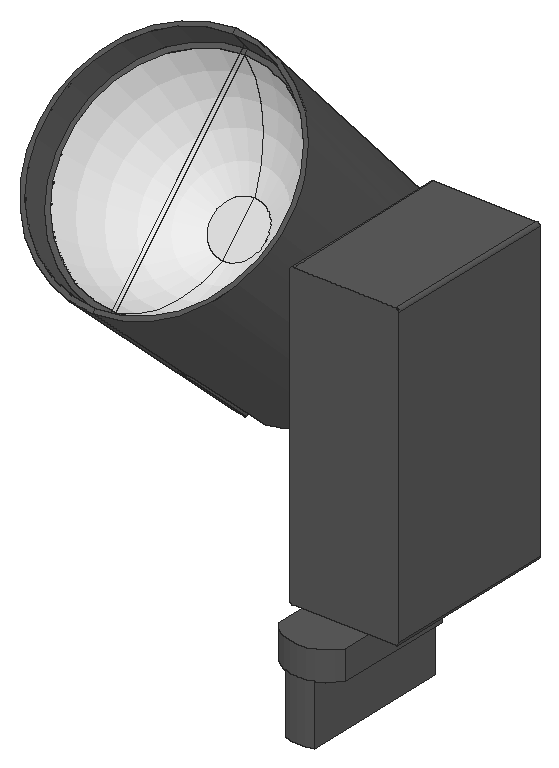
Revit family "0004945 Feilo Sylvania Lighting Fixture START TRACK SPOT L DALI 4448LM 930 MB BLK", category Lighting Fixtures, host Face, Revit 2017
Family settings
  Host = Face
  Round Connector Dimension = Use Diameter
  Part Type = Normal
  OmniClass Number = 23.80.70.00
  OmniClass Title = Lighting
  Cut with Voids When Loaded = No
  Light Source = No
  Shared = No
  Room Calculation Point = No
Parameters (values of type "0004945 START TRACK SPOT L DALI 4448LM 930 MB BLK")
  Weight = "1.398 kg"
  Wattage Comments = ""
  WarrantyStartDate [instance] = "n/a"
  WarrantyGuarantorParts = "n/a"
  WarrantyDurationUnit = "n/a"
  WarrantyDurationParts = "n/a"
  WarrantyDescription = "n/a"
  Voltage = 230 V
  URL = "http://www.sylvania-lighting.com/"
  TypeName = "START TRACK SPOT L DALI 4448LM 930 MB BLK"
  TypeHead_FEILO = Start Track Spot Head : 0004893 START TRACK SPOT L 55W 3K RA90 MB BLACK
  TypeBox_FEILO = Start Track Spot Box : Type Large Black
  Type Image = <None>
  Type Comments = "n/a"
  VerticalRotation_FEILO [instance] = 0.00°
  SlideEndAngle_FEILO [instance] = VerticalRotation_FEILO + 180.00°  # 180.00°
  SerialNumber [instance] = "n/a"
  Material_3_FEILO = none
  PowerFactor = 0.96
  PowerConsumption = "55 W"
  NominalLength = 0 mm
  NominalHeight = 240 mm
  NominalDepth = 164 mm
  Name = "START TRACK SPOT L DALI 4448LM 930 MB BLK"
  ModelReference = Name  # "START TRACK SPOT L DALI 4448LM 930 MB BLK"
  ModelNumber = "0004945"
  Model = Name  # "START TRACK SPOT L DALI 4448LM 930 MB BLK"
  Material = "adc12 aluminium housing, polycarbonate diffuser"
  ManufacturerName = "Feilo Sylvania"
  Manufacturer = "Feilo Sylvania"
  LuminousEfficacy = "81 lm/W"
  LuminaireType = ""
  LightOutputRatio = "100"
  LampsType = Lamp  # "LED"
  LampNominalLuminous = "4448 lm"
  LampMacAdamStep = "3"
  LampColourTemperature = "3000 K"
  LampColourRenderingIndex = "90"
  Lamp = "LED"
  Keynote = "16500"
  InstallationDate [instance] = "n/a"
  InputVoltage = "230-240V~"
  InputNominalFrequency = "50/60 Hz"
  IngressProtection = "IP20"
  ImpactProtectionIndex = "IK02"
  IfcExportType = "IfcLightFixtureType"
  IfcExportAs = "IfcLightFixtureType"
  HorizontalRotation_FEILO [instance] = 45.00°
  ExpectedLife = 50000
  ElectricShockClassification = "Class II"
  DurationUnit = "hours"
  DocumentationLiterature = "http://www.sylvania-lighting.com/product/en-int/products/0004893"
  DimmingControlOptions = "Dimmable"
  Material_2_FEILO = none
  Description = "Integrated LED spotlight, Textured Black - RAL9005, compact and minimalist design, ideal for retail applications, die-cast aluminium body, passive cooling heatsink. Beam angle: 38°, color temperature: 3000K , total system power: 55W, total fixture output: 4448 lm, LOR: 100%, colour rendering: Ra: 90 typical, LED Chromaticity: 3 step MacAdam ellipse, lifetime: >50000 hours at L70B50, energy class: A++, A+, A, IR/UV free light source without heat radiation, operating voltage: 220-240V / 50-60Hz, drive current: 1400mA, electronic driver, non-dimmable, power factor: 0.96, electrical protection: Class II, Global Track 3 Phase adapter suitable for Global trac 3-circuit tracks, ingress protection rating: IP20, suitable for internal environment only, horizontal rotation: 355°, vertical tilt: 90°, dimensions: Ø113x164x240, weight: 1.398kg."
  Default Elevation = 1219.2 mm
  CreatedOn = "04/26/2018"
  CreatedBy = ""
  Cost = 0
  built-in parameter 1114216 [instance] = (empty or 0)
  ClassificationValue = "EF_70_80"
  ClassificationName = "Uniclass2015"
  Material_1_FEILO = Body-Sylvania-StartTrackSpot-Black
  BarCode [instance] = "n/a"
  AssetType = "Fixed"
  AssetIdentifier [instance] = "n/a"
  Assembly Code = "D5020200"
  Apparent Load = 55 VA
  Material_4_FEILO = none
Reference planes
  plane 1 "Center (Front/Back)": y = 0
  plane 2: z = 0
  plane 3 "Center (Left/Right)": x = 0
  plane 4: x = 15
  plane 5: x = -15
  plane 6: y = 35
  plane 7: y = -35
  plane 8: z = 13
  plane 9: z = -27
  plane 10: x = 6.5
  plane 11: x = -6.5
  plane 12: y = 27
  plane 13: y = -27
  plane 14: y = 20
Forms (mm)
  Extrusion 1, solid, material "Body-Sylvania-StartTrackSpot-Black" <- "Material_1_FEILO"
    sketch origin (0, 0, 0) x (1, 0, 0) y (0, 1, 0)
      loop
        line (-15, 27) -> (-15, -27)
        arc (-15, -27) -> (0, -35) -> (15, -27) r 18.062
        line (15, -27) -> (15, 27)
        arc (15, 27) -> (0, 35) -> (-15, 27) r 18.062
    from 0 to 13
  Extrusion 2, solid, material "Body-Sylvania-StartTrackSpot-Black" <- "Material_1_FEILO"
    sketch origin (0, 0, 0) x (1, 0, 0) y (0, 1, 0)
      loop
        arc (6.5, 33.79) -> (0, 35) -> (-6.5, 33.79) r 18.062
        line (-6.5, 33.79) -> (-6.5, -33.79)
        arc (-6.5, -33.79) -> (0, -35) -> (6.5, -33.79) r 18.062
        line (6.5, -33.79) -> (6.5, 33.79)
    from 0 to -27
  Revolve 3, solid, not visible
    sketch origin (1524, 20, 1219.2) x (1, 0, 0) y (0, 0, 1)
      loop
        line (-1524, -1206.2) -> (-1524, -1191.285) -> (-1530.5, -1191.285) -> (-1530.5, -1206.2) -> (-1524, -1206.2)
      axis (-1524, -1191.285) -> (-1524, -1206.2)
    angle from 0 <- "VerticalRotation_FEILO" to 180 <- "SlideEndAngle_FEILO"
Cuts and joins
  joined: Extrusion 1, Extrusion 2
Dimensions and locks
  equal spacing: plane 10, plane 3 "Center (Left/Right)", plane 11
  equal spacing: plane 4, plane 3 "Center (Left/Right)", plane 5
  locked: plane 8 to plane 2 at 13
  locked: plane 8 to plane 9 at 40
  equal spacing: plane 13, plane 1 "Center (Front/Back)", plane 12
  locked: plane 12 to plane 6 at 8
  locked: plane 14 to plane 6 at 15
  locked: Revolve 3 sketch curve to plane 8 at 14.915
  aligned and locked: plane 2 to host face
  aligned and locked: level to host face
  aligned and locked: plane 5 to Extrusion 1 sketch curve  (x2)
  aligned and locked: plane 12 to Extrusion 1 sketch curve
  aligned and locked: plane 13 to Extrusion 1 sketch curve
  aligned and locked: plane 4 to Extrusion 1 sketch curve
  aligned and locked: Extrusion 1 to plane 8
  aligned and locked: Extrusion 1 to level
  aligned and locked: Extrusion 2 sketch curve to Extrusion 1  (x2)
  aligned and locked: Extrusion 2 sketch curve to plane 11
  aligned and locked: plane 10 to Extrusion 2 sketch curve
  aligned and locked: plane 9 to Extrusion 2
  aligned and locked: level to Extrusion 2
  aligned and locked: Revolve 3 sketch curve to plane 3 "Center (Left/Right)"  (x2)
  aligned and locked: plane 11 to Revolve 3 sketch curve
  aligned and locked: Revolve 3 sketch curve to plane 8
Automatic sketch dimensions
  host sketch curve to host sketch curve = 2438.4 mm  (x2)
  Extrusion 1 sketch curve to plane 3 "Center (Left/Right)" = 0 mm  (x2)
  Extrusion 1 sketch curve to plane 13 = 10.062 mm
  plane 12 to Extrusion 1 sketch curve = 10.062 mm
  Revolve 3 sketch curve to plane 3 "Center (Left/Right)" = 0 mm
  plane 9 to Revolve 3 sketch curve = 582.6 mm
  Revolve 3 sketch curve to Revolve 3 sketch curve = 2581.144 mm
Nested families
  nested 1: "Start Track Spot Head" at (-75.5, 20, 133) x (0, 0.7071, 0.7071) z (0, 0.7071, -0.7071), type <- "TypeHead_FEILO", type "0004893 START TRACK SPOT L 55W 3K RA90 MB BLACK"
    with built-in parameter 1114216 (empty or 0)
  nested 2: "Start Track Spot Box" at (8.5, 20, 85) x (-1, 0, 0) z (0, -1, 0), BoxStartAngle_FEILO <- "HorizontalRotation_FEILO", type <- "TypeBox_FEILO", type "Type Large Black"
    with BoxStartAngle_FEILO 45.00°, BoxEndAngle_FEILO -135.00°
Connectors
  electrical at (0, 0, 0), driven by "Apparent Load", driven by "PowerFactor", driven by "Voltage"
    settings: index 1, voltage 230 V, apparent load 55 VA, apparent load phase1 0 VA, apparent load phase2 0 VA, apparent load phase3 0 VA, power factor 0.96, load classification "Lighting", number of poles 1, system type 30, power factor state 1, is connector primary yes, connector utility no, sub classification motor no, connector description ""
Definition of nested family "Start Track Spot Head"
  Parameters (values of type "0004811 START TRACK SPOT S 14W 3K RA80 NB WHITE")
    Wattage Comments = "n/a"
    Wattage = 14 W
    built-in parameter 1150110 = 1 (stored number, unit not read)
    URL = "http://www.feilosylvania.com"
    Type Image = (empty or 0)
    Type Comments = "n/a"
    built-in parameter 1114217 = 1 (stored number, unit not read)
    Tilt Angle = -90.00°
    built-in parameter 1150109 = 1 (stored number, unit not read)
    built-in parameter 1150134 = (empty or 0)
    built-in parameter 1150113 = 1 (stored number, unit not read)
    Photometric Web File = "0004811.ies"
    Material_3_FEILO = none
    Model = "START TRACK SPOT S 14W 3K RA80 NB WHITE"
    Manufacturer = "Feilo Sylvania"
    built-in parameter 1150105 = 123.66 (stored number, unit not read)
    Lumens = 1554 lm
    built-in parameter 1150115 = 1 (stored number, unit not read)
    built-in parameter 1150137 = (empty or 0)
    built-in parameter 1150139 = (empty or 0)
    built-in parameter 1150112 = 1 (stored number, unit not read)
    built-in parameter 1150114 = 1 (stored number, unit not read)
    Lamp = "LED"
    Keynote = "16500"
    Material_2_FEILO = none
    built-in parameter 1150132 = (empty or 0)
    built-in parameter 1150102 = (empty or 0)
    built-in parameter 1150107 = 3000 (stored number, unit not read)
    built-in parameter 1150138 = (empty or 0)
    built-in parameter 1150106 = 1.2366 (stored number, unit not read)
    HeadThickness_FEILO = if(HeadDiaOut_FEILO > 112 mm, 2 mm, 1.5 mm)  # 1.5 mm
    HeadRibOffset_FEILO = HeadHeight_FEILO / 28  # 4.179 mm
    HeadRibDepth_FEILO = HeadHeight_FEILO / 2.1  # 55.714 mm
    HeadRibCutWidth_FEILO = HeadDiaOut_FEILO / 12  # 7.167 mm
    HeadRibCutOffset_FEILO = HeadHeight_FEILO / 2.3  # 50.87 mm
    HeadReflectorRadius_FEILO = HeadDiaOut_FEILO / 1.7  # 50.588 mm
    HeadReflectorOffset_FEILO = HeadHeight_FEILO / 2.1  # 55.714 mm
    HeadLEDRadius_FEILO = HeadDiaOut_FEILO / 9  # 9.556 mm
    HeadHeight_FEILO = 117 mm
    HeadDraft_FEILO = 1 mm
    HeadDiffusorThickness_FEILO = 3 mm
    HeadDiffusorOffset_FEILO = HeadHeight_FEILO / 12.4  # 9.435 mm
    HeadDiaOut_FEILO = 86 mm
    HeadDiaIn_FEILO = HeadDiaOut_FEILO / 1.11  # 77.477 mm
    HeadAxisFromTop_FEILO = HeadHeight_FEILO / 1.687  # 69.354 mm
    Emit from Circle Diameter = HeadDiaIn_FEILO  # 77.477 mm
    Emit Shape Visible in Rendering = no
    built-in parameter 1150104 = 10.312 (stored number, unit not read)
    Dimming Lamp Color Temperature Shift = (empty or 0)
    Description = "Integrated LED spotlight, Textured White - RAL9016, compact and minimalist design, ideal for retail applications, die-cast aluminium body, passive cooling heatsink. Beam angle: 12°, color temperature: 3000K , total system power: 14W, total fixture output: 1551 lm, LOR: 100%, colour rendering: Ra: 80 typical, LED Chromaticity: 3 step MacAdam ellipse, lifetime: >50000 hours at L70B50, energy class: A++, A+, A, IR/UV free light source without heat radiation, operating voltage: 220-240V / 50-60Hz, drive current: 350mA, electronic driver, non-dimmable, power factor: 0.92, electrical protection: Class II, Global Track 3 Phase adapter suitable for Global trac 3-circuit tracks, ingress protection rating: IP20, suitable for internal environment only, horizontal rotation: 355°, vertical tilt: 90°, dimensions: Ø86x140x200, weight: 0.940kg."
    Default Elevation = 1219.2 mm
    Cost = 0
    Color Filter = 16777215
    built-in parameter 1114216 [instance] = (empty or 0)
    Material_1_FEILO = none
    built-in parameter 1114218 = 1 (stored number, unit not read)
    built-in parameter 1150133 = 10 (stored number, unit not read)
    Assembly Code = "D5020200"
    Apparent Load = 14 VA
    Material_4_FEILO = none
  Types (96, lengths in mm): name | Wattage | built-in parameter 1150134 | Photometric Web File | Model | built-in parameter 1150105 | Lumens | built-in parameter 1150107 | built-in parameter 1150106 | HeadThickness_FEILO | HeadRibOffset_FEILO | HeadRibDepth_FEILO | HeadRibCutWidth_FEILO | HeadRibCutOffset_FEILO | HeadReflectorRadius_FEILO | HeadReflectorOffset_FEILO | HeadLEDRadius_FEILO | HeadHeight_FEILO | HeadDiffusorOffset_FEILO | HeadDiaOut_FEILO | HeadDiaIn_FEILO | HeadAxisFromTop_FEILO | Emit from Circle Diameter | built-in parameter 1150104 | Description | Apparent Load
    0004906 START TRACK SPOT L 55W 4K RA90 WB BLACK | 55 W | 12 | "0004906.ies" | "START TRACK SPOT L 55W 4K RA90 WB BLACK" | 385.15 (stored number, unit not read) | 4840 lm | 4000 (stored number, unit not read) | 3.8515 (stored number, unit not read) | 2 | 4.429 | 59.048 | 9.417 | 53.913 | 66.471 | 59.048 | 12.556 | 124 | 10 | 113 | 101.802 | 73.503 | 101.802 | 8.1755 (stored number, unit not read) | "Integrated LED spotlight, Textured Black - RAL9005, compact and minimalist design, ideal for retail applications, die-cast aluminium body, passive cooling heatsink. Beam angle: 52°, color temperature: 4000K , total system power: 55W, total fixture output: 4824 lm, LOR: 100%, colour rendering: Ra: 90 typical, LED Chromaticity: 3 step MacAdam ellipse, lifetime: >50000 hours at L70B50, energy class: A++, A+, A, IR/UV free light source without heat radiation, operating voltage: 220-240V / 50-60Hz, drive current: 1400mA, electronic driver, non-dimmable, power factor: 0.96, electrical protection: Class II, Global Track 3 Phase adapter suitable for Global trac 3-circuit tracks, ingress protection rating: IP20, suitable for internal environment only, horizontal rotation: 355°, vertical tilt: 90°, dimensions: Ø113x164x240, weight: 1.398kg." | 55 VA
    0004905 START TRACK SPOT L 55W 4K RA90 MB BLACK | 55 W | 12 | "0004905.ies" | "START TRACK SPOT L 55W 4K RA90 MB BLACK" | 389.53 (stored number, unit not read) | 4895 lm | 4000 (stored number, unit not read) | 3.8953 (stored number, unit not read) | 2 | 4.429 | 59.048 | 9.417 | 53.913 | 66.471 | 59.048 | 12.556 | 124 | 10 | 113 | 101.802 | 73.503 | 101.802 | 8.2684 (stored number, unit not read) | "Integrated LED spotlight, Textured Black - RAL9005, compact and minimalist design, ideal for retail applications, die-cast aluminium body, passive cooling heatsink. Beam angle: 38°, color temperature: 4000K , total system power: 55W, total fixture output: 4897 lm, LOR: 100%, colour rendering: Ra: 90 typical, LED Chromaticity: 3 step MacAdam ellipse, lifetime: >50000 hours at L70B50, energy class: A++, A+, A, IR/UV free light source without heat radiation, operating voltage: 220-240V / 50-60Hz, drive current: 1400mA, electronic driver, non-dimmable, power factor: 0.96, electrical protection: Class II, Global Track 3 Phase adapter suitable for Global trac 3-circuit tracks, ingress protection rating: IP20, suitable for internal environment only, horizontal rotation: 355°, vertical tilt: 90°, dimensions: Ø113x164x240, weight: 1.398kg." | 55 VA
    0004904 START TRACK SPOT L 55W 4K RA90 NB BLACK | 55 W | 12 | "0004904.ies" | "START TRACK SPOT L 55W 4K RA90 NB BLACK" | 393.91 (stored number, unit not read) | 4950 lm | 4000 (stored number, unit not read) | 3.9391 (stored number, unit not read) | 2 | 4.429 | 59.048 | 9.417 | 53.913 | 66.471 | 59.048 | 12.556 | 124 | 10 | 113 | 101.802 | 73.503 | 101.802 | 8.3613 (stored number, unit not read) | "Integrated LED spotlight, Textured Black - RAL9005, compact and minimalist design, ideal for retail applications, die-cast aluminium body, passive cooling heatsink. Beam angle: 15°, color temperature: 4000K , total system power: 55W, total fixture output: 4965 lm, LOR: 100%, colour rendering: Ra: 90 typical, LED Chromaticity: 3 step MacAdam ellipse, lifetime: >50000 hours at L70B50, energy class: A++, A+, A, IR/UV free light source without heat radiation, operating voltage: 220-240V / 50-60Hz, drive current: 1400mA, electronic driver, non-dimmable, power factor: 0.96, electrical protection: Class II, Global Track 3 Phase adapter suitable for Global trac 3-circuit tracks, ingress protection rating: IP20, suitable for internal environment only, horizontal rotation: 355°, vertical tilt: 90°, dimensions: Ø113x164x240, weight: 1.398kg." | 55 VA
    0004903 START TRACK SPOT L 35W 4K RA90 WB BLACK | 35 W | 12 | "0004903.ies" | "START TRACK SPOT L 35W 4K RA90 WB BLACK" | 284.09 (stored number, unit not read) | 3570 lm | 4000 (stored number, unit not read) | 2.8409 (stored number, unit not read) | 2 | 4.429 | 59.048 | 9.417 | 53.913 | 66.471 | 59.048 | 12.556 | 124 | 10 | 113 | 101.802 | 73.503 | 101.802 | 9.4761 (stored number, unit not read) | "Integrated LED spotlight, Textured Black - RAL9005, compact and minimalist design, ideal for retail applications, die-cast aluminium body, passive cooling heatsink. Beam angle: 52°, color temperature: 4000K , total system power: 35W, total fixture output: 3562 lm, LOR: 100%, colour rendering: Ra: 90 typical, LED Chromaticity: 3 step MacAdam ellipse, lifetime: >50000 hours at L70B50, energy class: A++, A+, A, IR/UV free light source without heat radiation, operating voltage: 220-240V / 50-60Hz, drive current: 900mA, electronic driver, non-dimmable, power factor: 0.93, electrical protection: Class II, Global Track 3 Phase adapter suitable for Global trac 3-circuit tracks, ingress protection rating: IP20, suitable for internal environment only, horizontal rotation: 355°, vertical tilt: 90°, dimensions: Ø113x164x240, weight: 1.368kg." | 35 VA
    0004902 START TRACK SPOT L 35W 4K RA90 MB BLACK | 35 W | 12 | "0004902.ies" | "START TRACK SPOT L 35W 4K RA90 MB BLACK" | 286.88 (stored number, unit not read) | 3605 lm | 4000 (stored number, unit not read) | 2.8688 (stored number, unit not read) | 2 | 4.429 | 59.048 | 9.417 | 53.913 | 66.471 | 59.048 | 12.556 | 124 | 10 | 113 | 101.802 | 73.503 | 101.802 | 9.569 (stored number, unit not read) | "Integrated LED spotlight, Textured Black - RAL9005, compact and minimalist design, ideal for retail applications, die-cast aluminium body, passive cooling heatsink. Beam angle: 38°, color temperature: 4000K , total system power: 35W, total fixture output: 3616 lm, LOR: 100%, colour rendering: Ra: 90 typical, LED Chromaticity: 3 step MacAdam ellipse, lifetime: >50000 hours at L70B50, energy class: A++, A+, A, IR/UV free light source without heat radiation, operating voltage: 220-240V / 50-60Hz, drive current: 900mA, electronic driver, non-dimmable, power factor: 0.93, electrical protection: Class II, Global Track 3 Phase adapter suitable for Global trac 3-circuit tracks, ingress protection rating: IP20, suitable for internal environment only, horizontal rotation: 355°, vertical tilt: 90°, dimensions: Ø113x164x240, weight: 1.368kg." | 35 VA
    0004901 START TRACK SPOT L 35W 4K RA90 NB BLACK | 35 W | 12 | "0004901.ies" | "START TRACK SPOT L 35W 4K RA90 NB BLACK" | 286.88 (stored number, unit not read) | 3605 lm | 4000 (stored number, unit not read) | 2.8688 (stored number, unit not read) | 2 | 4.429 | 59.048 | 9.417 | 53.913 | 66.471 | 59.048 | 12.556 | 124 | 10 | 113 | 101.802 | 73.503 | 101.802 | 9.569 (stored number, unit not read) | "Integrated LED spotlight, Textured Black - RAL9005, compact and minimalist design, ideal for retail applications, die-cast aluminium body, passive cooling heatsink. Beam angle: 15°, color temperature: 4000K , total system power: 35W, total fixture output: 3593 lm, LOR: 100%, colour rendering: Ra: 90 typical, LED Chromaticity: 3 step MacAdam ellipse, lifetime: >50000 hours at L70B50, energy class: A++, A+, A, IR/UV free light source without heat radiation, operating voltage: 220-240V / 50-60Hz, drive current: 900mA, electronic driver, non-dimmable, power factor: 0.93, electrical protection: Class II, Global Track 3 Phase adapter suitable for Global trac 3-circuit tracks, ingress protection rating: IP20, suitable for internal environment only, horizontal rotation: 355°, vertical tilt: 90°, dimensions: Ø113x164x240, weight: 1.368kg." | 35 VA
    0004900 START TRACK SPOT S 24W 4K RA90 WB BLACK | 24 W | 12 | "0004900.ies" | "START TRACK SPOT S 24W 4K RA90 WB BLACK" | 166.16 (stored number, unit not read) | 2088 lm | 4000 (stored number, unit not read) | 1.6616 (stored number, unit not read) | 1.5 | 4.179 | 55.714 | 7.167 | 50.87 | 50.588 | 55.714 | 9.556 | 117 | 9.435 | 86 | 77.477 | 69.354 | 77.477 | 8.0826 (stored number, unit not read) | "Integrated LED spotlight, Textured Black - RAL9005, compact and minimalist design, ideal for retail applications, die-cast aluminium body, passive cooling heatsink. Beam angle: 64°, color temperature: 4000K , total system power: 24W, total fixture output: 2087 lm, LOR: 100%, colour rendering: Ra: 90 typical, LED Chromaticity: 3 step MacAdam ellipse, lifetime: >50000 hours at L70B50, energy class: A++, A+, A, IR/UV free light source without heat radiation, operating voltage: 220-240V / 50-60Hz, drive current: 600mA, electronic driver, non-dimmable, power factor: 0.95, electrical protection: Class II, Global Track 3 Phase adapter suitable for Global trac 3-circuit tracks, ingress protection rating: IP20, suitable for internal environment only, horizontal rotation: 355°, vertical tilt: 90°, dimensions: Ø86x140x200, weight: 0.966kg." | 24 VA
    0004899 START TRACK SPOT S 24W 4K RA90 MB BLACK | 24 W | 12 | "0004899.ies" | "START TRACK SPOT S 24W 4K RA90 MB BLACK" | 169.98 (stored number, unit not read) | 2136 lm | 4000 (stored number, unit not read) | 1.6998 (stored number, unit not read) | 1.5 | 4.179 | 55.714 | 7.167 | 50.87 | 50.588 | 55.714 | 9.556 | 117 | 9.435 | 86 | 77.477 | 69.354 | 77.477 | 8.2684 (stored number, unit not read) | "Integrated LED spotlight, Textured Black - RAL9005, compact and minimalist design, ideal for retail applications, die-cast aluminium body, passive cooling heatsink. Beam angle: 36°, color temperature: 4000K , total system power: 24W, total fixture output: 2141 lm, LOR: 100%, colour rendering: Ra: 90 typical, LED Chromaticity: 3 step MacAdam ellipse, lifetime: >50000 hours at L70B50, energy class: A++, A+, A, IR/UV free light source without heat radiation, operating voltage: 220-240V / 50-60Hz, drive current: 600mA, electronic driver, non-dimmable, power factor: 0.95, electrical protection: Class II, Global Track 3 Phase adapter suitable for Global trac 3-circuit tracks, ingress protection rating: IP20, suitable for internal environment only, horizontal rotation: 355°, vertical tilt: 90°, dimensions: Ø86x140x200, weight: 0.966kg." | 24 VA
    0004898 START TRACK SPOT S 24W 4K RA90 NB BLACK | 24 W | 12 | "0004898.ies" | "START TRACK SPOT S 24W 4K RA90 NB BLACK" | 171.89 (stored number, unit not read) | 2160 lm | 4000 (stored number, unit not read) | 1.7189 (stored number, unit not read) | 1.5 | 4.179 | 55.714 | 7.167 | 50.87 | 50.588 | 55.714 | 9.556 | 117 | 9.435 | 86 | 77.477 | 69.354 | 77.477 | 8.3613 (stored number, unit not read) | "Integrated LED spotlight, Textured Black - RAL9005, compact and minimalist design, ideal for retail applications, die-cast aluminium body, passive cooling heatsink. Beam angle: 12°, color temperature: 4000K , total system power: 24W, total fixture output: 2155 lm, LOR: 100%, colour rendering: Ra: 90 typical, LED Chromaticity: 3 step MacAdam ellipse, lifetime: >50000 hours at L70B50, energy class: A++, A+, A, IR/UV free light source without heat radiation, operating voltage: 220-240V / 50-60Hz, drive current: 600mA, electronic driver, non-dimmable, power factor: 0.95, electrical protection: Class II, Global Track 3 Phase adapter suitable for Global trac 3-circuit tracks, ingress protection rating: IP20, suitable for internal environment only, horizontal rotation: 355°, vertical tilt: 90°, dimensions: Ø86x140x200, weight: 0.966kg." | 24 VA
    0004897 START TRACK SPOT S 14W 4K RA90 WB BLACK | 14 W | 12 | "0004897.ies" | "START TRACK SPOT S 14W 4K RA90 WB BLACK" | 108.07 (stored number, unit not read) | 1358 lm | 4000 (stored number, unit not read) | 1.0807 (stored number, unit not read) | 1.5 | 4.179 | 55.714 | 7.167 | 50.87 | 50.588 | 55.714 | 9.556 | 117 | 9.435 | 86 | 77.477 | 69.354 | 77.477 | 9.0116 (stored number, unit not read) | "Integrated LED spotlight, Textured Black - RAL9005, compact and minimalist design, ideal for retail applications, die-cast aluminium body, passive cooling heatsink. Beam angle: 64°, color temperature: 4000K , total system power: 14W, total fixture output: 1352 lm, LOR: 100%, colour rendering: Ra: 90 typical, LED Chromaticity: 3 step MacAdam ellipse, lifetime: >50000 hours at L70B50, energy class: A++, A+, A, IR/UV free light source without heat radiation, operating voltage: 220-240V / 50-60Hz, drive current: 350mA, electronic driver, non-dimmable, power factor: 0.92, electrical protection: Class II, Global Track 3 Phase adapter suitable for Global trac 3-circuit tracks, ingress protection rating: IP20, suitable for internal environment only, horizontal rotation: 355°, vertical tilt: 90°, dimensions: Ø86x140x200, weight: 0.940kg." | 14 VA
    0004896 START TRACK SPOT S 14W 4K RA90 MB BLACK | 14 W | 12 | "0004896.ies" | "START TRACK SPOT S 14W 4K RA90 MB BLACK" | 108.07 (stored number, unit not read) | 1358 lm | 4000 (stored number, unit not read) | 1.0807 (stored number, unit not read) | 1.5 | 4.179 | 55.714 | 7.167 | 50.87 | 50.588 | 55.714 | 9.556 | 117 | 9.435 | 86 | 77.477 | 69.354 | 77.477 | 9.0116 (stored number, unit not read) | "Integrated LED spotlight, Textured Black - RAL9005, compact and minimalist design, ideal for retail applications, die-cast aluminium body, passive cooling heatsink. Beam angle: 36°, color temperature: 4000K , total system power: 14W, total fixture output: 1359 lm, LOR: 100%, colour rendering: Ra: 90 typical, LED Chromaticity: 3 step MacAdam ellipse, lifetime: >50000 hours at L70B50, energy class: A++, A+, A, IR/UV free light source without heat radiation, operating voltage: 220-240V / 50-60Hz, drive current: 350mA, electronic driver, non-dimmable, power factor: 0.92, electrical protection: Class II, Global Track 3 Phase adapter suitable for Global trac 3-circuit tracks, ingress protection rating: IP20, suitable for internal environment only, horizontal rotation: 355°, vertical tilt: 90°, dimensions: Ø86x140x200, weight: 0.940kg." | 14 VA
    0004895 START TRACK SPOT S 14W 4K RA90 NB BLACK | 14 W | 12 | "0004895.ies" | "START TRACK SPOT S 14W 4K RA90 NB BLACK" | 106.95 (stored number, unit not read) | 1344 lm | 4000 (stored number, unit not read) | 1.0695 (stored number, unit not read) | 1.5 | 4.179 | 55.714 | 7.167 | 50.87 | 50.588 | 55.714 | 9.556 | 117 | 9.435 | 86 | 77.477 | 69.354 | 77.477 | 8.9187 (stored number, unit not read) | "Integrated LED spotlight, Textured Black - RAL9005, compact and minimalist design, ideal for retail applications, die-cast aluminium body, passive cooling heatsink. Beam angle: 12°, color temperature: 4000K , total system power: 14W, total fixture output: 1349 lm, LOR: 100%, colour rendering: Ra: 90 typical, LED Chromaticity: 3 step MacAdam ellipse, lifetime: >50000 hours at L70B50, energy class: A++, A+, A, IR/UV free light source without heat radiation, operating voltage: 220-240V / 50-60Hz, drive current: 350mA, electronic driver, non-dimmable, power factor: 0.92, electrical protection: Class II, Global Track 3 Phase adapter suitable for Global trac 3-circuit tracks, ingress protection rating: IP20, suitable for internal environment only, horizontal rotation: 355°, vertical tilt: 90°, dimensions: Ø86x140x200, weight: 0.940kg." | 14 VA
    0004894 START TRACK SPOT L 55W 3K RA90 WB BLACK | 55 W | (empty or 0) | "0004894.ies" | "START TRACK SPOT L 55W 3K RA90 WB BLACK" | 350.14 (stored number, unit not read) | 4400 lm | 3000 (stored number, unit not read) | 3.5014 (stored number, unit not read) | 2 | 4.429 | 59.048 | 9.417 | 53.913 | 66.471 | 59.048 | 12.556 | 124 | 10 | 113 | 101.802 | 73.503 | 101.802 | 7.4322 (stored number, unit not read) | "Integrated LED spotlight, Textured Black - RAL9005, compact and minimalist design, ideal for retail applications, die-cast aluminium body, passive cooling heatsink. Beam angle: 52°, color temperature: 3000K , total system power: 55W, total fixture output: 4405 lm, LOR: 100%, colour rendering: Ra: 90 typical, LED Chromaticity: 3 step MacAdam ellipse, lifetime: >50000 hours at L70B50, energy class: A++, A+, A, IR/UV free light source without heat radiation, operating voltage: 220-240V / 50-60Hz, drive current: 1400mA, electronic driver, non-dimmable, power factor: 0.96, electrical protection: Class II, Global Track 3 Phase adapter suitable for Global trac 3-circuit tracks, ingress protection rating: IP20, suitable for internal environment only, horizontal rotation: 355°, vertical tilt: 90°, dimensions: Ø113x164x240, weight: 1.398kg." | 55 VA
    0004893 START TRACK SPOT L 55W 3K RA90 MB BLACK | 55 W | (empty or 0) | "0004893.ies" | "START TRACK SPOT L 55W 3K RA90 MB BLACK" | 354.52 (stored number, unit not read) | 4455 lm | 3000 (stored number, unit not read) | 3.5452 (stored number, unit not read) | 2 | 4.429 | 59.048 | 9.417 | 53.913 | 66.471 | 59.048 | 12.556 | 124 | 10 | 113 | 101.802 | 73.503 | 101.802 | 7.5251 (stored number, unit not read) | "Integrated LED spotlight, Textured Black - RAL9005, compact and minimalist design, ideal for retail applications, die-cast aluminium body, passive cooling heatsink. Beam angle: 38°, color temperature: 3000K , total system power: 55W, total fixture output: 4448 lm, LOR: 100%, colour rendering: Ra: 90 typical, LED Chromaticity: 3 step MacAdam ellipse, lifetime: >50000 hours at L70B50, energy class: A++, A+, A, IR/UV free light source without heat radiation, operating voltage: 220-240V / 50-60Hz, drive current: 1400mA, electronic driver, non-dimmable, power factor: 0.96, electrical protection: Class II, Global Track 3 Phase adapter suitable for Global trac 3-circuit tracks, ingress protection rating: IP20, suitable for internal environment only, horizontal rotation: 355°, vertical tilt: 90°, dimensions: Ø113x164x240, weight: 1.398kg." | 55 VA
    0004892 START TRACK SPOT L 55W 3K RA90 NB BLACK | 55 W | (empty or 0) | "0004892.ies" | "START TRACK SPOT L 55W 3K RA90 NB BLACK" | 350.14 (stored number, unit not read) | 4400 lm | 3000 (stored number, unit not read) | 3.5014 (stored number, unit not read) | 2 | 4.429 | 59.048 | 9.417 | 53.913 | 66.471 | 59.048 | 12.556 | 124 | 10 | 113 | 101.802 | 73.503 | 101.802 | 7.4322 (stored number, unit not read) | "Integrated LED spotlight, Textured Black - RAL9005, compact and minimalist design, ideal for retail applications, die-cast aluminium body, passive cooling heatsink. Beam angle: 15°, color temperature: 3000K , total system power: 55W, total fixture output: 4416 lm, LOR: 100%, colour rendering: Ra: 90 typical, LED Chromaticity: 3 step MacAdam ellipse, lifetime: >50000 hours at L70B50, energy class: A++, A+, A, IR/UV free light source without heat radiation, operating voltage: 220-240V / 50-60Hz, drive current: 1400mA, electronic driver, non-dimmable, power factor: 0.96, electrical protection: Class II, Global Track 3 Phase adapter suitable for Global trac 3-circuit tracks, ingress protection rating: IP20, suitable for internal environment only, horizontal rotation: 355°, vertical tilt: 90°, dimensions: Ø113x164x240, weight: 1.398kg." | 55 VA
    0004891 START TRACK SPOT L 35W 3K RA90 WB BLACK | 35 W | (empty or 0) | "0004891.ies" | "START TRACK SPOT L 35W 3K RA90 WB BLACK" | 259.02 (stored number, unit not read) | 3255 lm | 3000 (stored number, unit not read) | 2.5902 (stored number, unit not read) | 2 | 4.429 | 59.048 | 9.417 | 53.913 | 66.471 | 59.048 | 12.556 | 124 | 10 | 113 | 101.802 | 73.503 | 101.802 | 8.64 (stored number, unit not read) | "Integrated LED spotlight, Textured Black - RAL9005, compact and minimalist design, ideal for retail applications, die-cast aluminium body, passive cooling heatsink. Beam angle: 52°, color temperature: 3000K , total system power: 35W, total fixture output: 3260 lm, LOR: 100%, colour rendering: Ra: 90 typical, LED Chromaticity: 3 step MacAdam ellipse, lifetime: >50000 hours at L70B50, energy class: A++, A+, A, IR/UV free light source without heat radiation, operating voltage: 220-240V / 50-60Hz, drive current: 900mA, electronic driver, non-dimmable, power factor: 0.93, electrical protection: Class II, Global Track 3 Phase adapter suitable for Global trac 3-circuit tracks, ingress protection rating: IP20, suitable for internal environment only, horizontal rotation: 355°, vertical tilt: 90°, dimensions: Ø113x164x240, weight: 1.368kg." | 35 VA
    0004890 START TRACK SPOT L 35W 3K RA90 MB BLACK | 35 W | (empty or 0) | "0004890.ies" | "START TRACK SPOT L 35W 3K RA90 MB BLACK" | 261.81 (stored number, unit not read) | 3290 lm | 3000 (stored number, unit not read) | 2.6181 (stored number, unit not read) | 2 | 4.429 | 59.048 | 9.417 | 53.913 | 66.471 | 59.048 | 12.556 | 124 | 10 | 113 | 101.802 | 73.503 | 101.802 | 8.7329 (stored number, unit not read) | "Integrated LED spotlight, Textured Black - RAL9005, compact and minimalist design, ideal for retail applications, die-cast aluminium body, passive cooling heatsink. Beam angle: 38°, color temperature: 3000K , total system power: 35W, total fixture output: 3306 lm, LOR: 100%, colour rendering: Ra: 90 typical, LED Chromaticity: 3 step MacAdam ellipse, lifetime: >50000 hours at L70B50, energy class: A++, A+, A, IR/UV free light source without heat radiation, operating voltage: 220-240V / 50-60Hz, drive current: 900mA, electronic driver, non-dimmable, power factor: 0.93, electrical protection: Class II, Global Track 3 Phase adapter suitable for Global trac 3-circuit tracks, ingress protection rating: IP20, suitable for internal environment only, horizontal rotation: 355°, vertical tilt: 90°, dimensions: Ø113x164x240, weight: 1.368kg." | 35 VA
    0004889 START TRACK SPOT L 35W 3K RA90 NB BLACK | 35 W | (empty or 0) | "0004889.ies" | "START TRACK SPOT L 35W 3K RA90 NB BLACK" | 261.81 (stored number, unit not read) | 3290 lm | 3000 (stored number, unit not read) | 2.6181 (stored number, unit not read) | 2 | 4.429 | 59.048 | 9.417 | 53.913 | 66.471 | 59.048 | 12.556 | 124 | 10 | 113 | 101.802 | 73.503 | 101.802 | 8.7329 (stored number, unit not read) | "Integrated LED spotlight, Textured Black - RAL9005, compact and minimalist design, ideal for retail applications, die-cast aluminium body, passive cooling heatsink. Beam angle: 15°, color temperature: 3000K , total system power: 35W, total fixture output: 3287 lm, LOR: 100%, colour rendering: Ra: 90 typical, LED Chromaticity: 3 step MacAdam ellipse, lifetime: >50000 hours at L70B50, energy class: A++, A+, A, IR/UV free light source without heat radiation, operating voltage: 220-240V / 50-60Hz, drive current: 900mA, electronic driver, non-dimmable, power factor: 0.93, electrical protection: Class II, Global Track 3 Phase adapter suitable for Global trac 3-circuit tracks, ingress protection rating: IP20, suitable for internal environment only, horizontal rotation: 355°, vertical tilt: 90°, dimensions: Ø113x164x240, weight: 1.368kg." | 35 VA
    0004888 START TRACK SPOT S 24W 3K RA90 WB BLACK | 24 W | (empty or 0) | "0004888.ies" | "START TRACK SPOT S 24W 3K RA90 WB BLACK" | 152.79 (stored number, unit not read) | 1920 lm | 3000 (stored number, unit not read) | 1.5279 (stored number, unit not read) | 1.5 | 4.179 | 55.714 | 7.167 | 50.87 | 50.588 | 55.714 | 9.556 | 117 | 9.435 | 86 | 77.477 | 69.354 | 77.477 | 7.4322 (stored number, unit not read) | "Integrated LED spotlight, Textured Black - RAL9005, compact and minimalist design, ideal for retail applications, die-cast aluminium body, passive cooling heatsink. Beam angle: 64°, color temperature: 3000K , total system power: 24W, total fixture output: 1928 lm, LOR: 100%, colour rendering: Ra: 90 typical, LED Chromaticity: 3 step MacAdam ellipse, lifetime: >50000 hours at L70B50, energy class: A++, A+, A, IR/UV free light source without heat radiation, operating voltage: 220-240V / 50-60Hz, drive current: 600mA, electronic driver, non-dimmable, power factor: 0.95, electrical protection: Class II, Global Track 3 Phase adapter suitable for Global trac 3-circuit tracks, ingress protection rating: IP20, suitable for internal environment only, horizontal rotation: 355°, vertical tilt: 90°, dimensions: Ø86x140x200, weight: 0.966kg." | 24 VA
    0004887 START TRACK SPOT S 24W 3K RA90 MB BLACK | 24 W | (empty or 0) | "0004887.ies" | "START TRACK SPOT S 24W 3K RA90 MB BLACK" | 154.7 (stored number, unit not read) | 1944 lm | 3000 (stored number, unit not read) | 1.547 (stored number, unit not read) | 1.5 | 4.179 | 55.714 | 7.167 | 50.87 | 50.588 | 55.714 | 9.556 | 117 | 9.435 | 86 | 77.477 | 69.354 | 77.477 | 7.5251 (stored number, unit not read) | "Integrated LED spotlight, Textured Black - RAL9005, compact and minimalist design, ideal for retail applications, die-cast aluminium body, passive cooling heatsink. Beam angle: 36°, color temperature: 3000K , total system power: 24W, total fixture output: 1944 lm, LOR: 100%, colour rendering: Ra: 90 typical, LED Chromaticity: 3 step MacAdam ellipse, lifetime: >50000 hours at L70B50, energy class: A++, A+, A, IR/UV free light source without heat radiation, operating voltage: 220-240V / 50-60Hz, drive current: 600mA, electronic driver, non-dimmable, power factor: 0.95, electrical protection: Class II, Global Track 3 Phase adapter suitable for Global trac 3-circuit tracks, ingress protection rating: IP20, suitable for internal environment only, horizontal rotation: 355°, vertical tilt: 90°, dimensions: Ø86x140x200, weight: 0.966kg." | 24 VA
    0004886 START TRACK SPOT S 24W 3K RA90 NB BLACK | 24 W | (empty or 0) | "0004886.ies" | "START TRACK SPOT S 24W 3K RA90 NB BLACK" | 158.52 (stored number, unit not read) | 1992 lm | 3000 (stored number, unit not read) | 1.5852 (stored number, unit not read) | 1.5 | 4.179 | 55.714 | 7.167 | 50.87 | 50.588 | 55.714 | 9.556 | 117 | 9.435 | 86 | 77.477 | 69.354 | 77.477 | 7.711 (stored number, unit not read) | "Integrated LED spotlight, Textured Black - RAL9005, compact and minimalist design, ideal for retail applications, die-cast aluminium body, passive cooling heatsink. Beam angle: 12°, color temperature: 3000K , total system power: 24W, total fixture output: 1987 lm, LOR: 100%, colour rendering: Ra: 90 typical, LED Chromaticity: 3 step MacAdam ellipse, lifetime: >50000 hours at L70B50, energy class: A++, A+, A, IR/UV free light source without heat radiation, operating voltage: 220-240V / 50-60Hz, drive current: 600mA, electronic driver, non-dimmable, power factor: 0.95, electrical protection: Class II, Global Track 3 Phase adapter suitable for Global trac 3-circuit tracks, ingress protection rating: IP20, suitable for internal environment only, horizontal rotation: 355°, vertical tilt: 90°, dimensions: Ø86x140x200, weight: 0.966kg." | 24 VA
    0004885 START TRACK SPOT S 14W 3K RA90 WB BLACK | 14 W | (empty or 0) | "0004885.ies" | "START TRACK SPOT S 14W 3K RA90 WB BLACK" | 100.27 (stored number, unit not read) | 1260 lm | 3000 (stored number, unit not read) | 1.0027 (stored number, unit not read) | 1.5 | 4.179 | 55.714 | 7.167 | 50.87 | 50.588 | 55.714 | 9.556 | 117 | 9.435 | 86 | 77.477 | 69.354 | 77.477 | 8.3613 (stored number, unit not read) | "Integrated LED spotlight, Textured Black - RAL9005, compact and minimalist design, ideal for retail applications, die-cast aluminium body, passive cooling heatsink. Beam angle: 64°, color temperature: 3000K , total system power: 14W, total fixture output: 1262 lm, LOR: 100%, colour rendering: Ra: 90 typical, LED Chromaticity: 3 step MacAdam ellipse, lifetime: >50000 hours at L70B50, energy class: A++, A+, A, IR/UV free light source without heat radiation, operating voltage: 220-240V / 50-60Hz, drive current: 350mA, electronic driver, non-dimmable, power factor: 0.92, electrical protection: Class II, Global Track 3 Phase adapter suitable for Global trac 3-circuit tracks, ingress protection rating: IP20, suitable for internal environment only, horizontal rotation: 355°, vertical tilt: 90°, dimensions: Ø86x140x200, weight: 0.940kg." | 14 VA
    0004884 START TRACK SPOT S 14W 3K RA90 MB BLACK | 14 W | (empty or 0) | "0004884.ies" | "START TRACK SPOT S 14W 3K RA90 MB BLACK" | 100.27 (stored number, unit not read) | 1260 lm | 3000 (stored number, unit not read) | 1.0027 (stored number, unit not read) | 1.5 | 4.179 | 55.714 | 7.167 | 50.87 | 50.588 | 55.714 | 9.556 | 117 | 9.435 | 86 | 77.477 | 69.354 | 77.477 | 8.3613 (stored number, unit not read) | "Integrated LED spotlight, Textured Black - RAL9005, compact and minimalist design, ideal for retail applications, die-cast aluminium body, passive cooling heatsink. Beam angle: 36°, color temperature: 3000K , total system power: 14W, total fixture output: 1262 lm, LOR: 100%, colour rendering: Ra: 90 typical, LED Chromaticity: 3 step MacAdam ellipse, lifetime: >50000 hours at L70B50, energy class: A++, A+, A, IR/UV free light source without heat radiation, operating voltage: 220-240V / 50-60Hz, drive current: 350mA, electronic driver, non-dimmable, power factor: 0.92, electrical protection: Class II, Global Track 3 Phase adapter suitable for Global trac 3-circuit tracks, ingress protection rating: IP20, suitable for internal environment only, horizontal rotation: 355°, vertical tilt: 90°, dimensions: Ø86x140x200, weight: 0.940kg." | 14 VA
    0004883 START TRACK SPOT S 14W 3K RA90 NB BLACK | 14 W | (empty or 0) | "0004883.ies" | "START TRACK SPOT S 14W 3K RA90 NB BLACK" | 102.5 (stored number, unit not read) | 1288 lm | 3000 (stored number, unit not read) | 1.025 (stored number, unit not read) | 1.5 | 4.179 | 55.714 | 7.167 | 50.87 | 50.588 | 55.714 | 9.556 | 117 | 9.435 | 86 | 77.477 | 69.354 | 77.477 | 8.5471 (stored number, unit not read) | "Integrated LED spotlight, Textured Black - RAL9005, compact and minimalist design, ideal for retail applications, die-cast aluminium body, passive cooling heatsink. Beam angle: 12°, color temperature: 3000K , total system power: 14W, total fixture output: 1284 lm, LOR: 100%, colour rendering: Ra: 90 typical, LED Chromaticity: 3 step MacAdam ellipse, lifetime: >50000 hours at L70B50, energy class: A++, A+, A, IR/UV free light source without heat radiation, operating voltage: 220-240V / 50-60Hz, drive current: 350mA, electronic driver, non-dimmable, power factor: 0.92, electrical protection: Class II, Global Track 3 Phase adapter suitable for Global trac 3-circuit tracks, ingress protection rating: IP20, suitable for internal environment only, horizontal rotation: 355°, vertical tilt: 90°, dimensions: Ø86x140x200, weight: 0.940kg." | 14 VA
    0004882 START TRACK SPOT L 55W 4K RA90 WB WHITE | 55 W | 12 | "0004882.ies" | "START TRACK SPOT L 55W 4K RA90 WB WHITE" | 385.15 (stored number, unit not read) | 4840 lm | 4000 (stored number, unit not read) | 3.8515 (stored number, unit not read) | 2 | 4.429 | 59.048 | 9.417 | 53.913 | 66.471 | 59.048 | 12.556 | 124 | 10 | 113 | 101.802 | 73.503 | 101.802 | 8.1755 (stored number, unit not read) | "Integrated LED spotlight, Textured White - RAL9016, compact and minimalist design, ideal for retail applications, die-cast aluminium body, passive cooling heatsink. Beam angle: 52°, color temperature: 4000K , total system power: 55W, total fixture output: 4824 lm, LOR: 100%, colour rendering: Ra: 90 typical, LED Chromaticity: 3 step MacAdam ellipse, lifetime: >50000 hours at L70B50, energy class: A++, A+, A, IR/UV free light source without heat radiation, operating voltage: 220-240V / 50-60Hz, drive current: 1400mA, electronic driver, non-dimmable, power factor: 0.96, electrical protection: Class II, Global Track 3 Phase adapter suitable for Global trac 3-circuit tracks, ingress protection rating: IP20, suitable for internal environment only, horizontal rotation: 355°, vertical tilt: 90°, dimensions: Ø113x164x240, weight: 1.398kg." | 55 VA
    0004881 START TRACK SPOT L 55W 4K RA90 MB WHITE | 55 W | 12 | "0004881.ies" | "START TRACK SPOT L 55W 4K RA90 MB WHITE" | 389.53 (stored number, unit not read) | 4895 lm | 4000 (stored number, unit not read) | 3.8953 (stored number, unit not read) | 2 | 4.429 | 59.048 | 9.417 | 53.913 | 66.471 | 59.048 | 12.556 | 124 | 10 | 113 | 101.802 | 73.503 | 101.802 | 8.2684 (stored number, unit not read) | "Integrated LED spotlight, Textured White - RAL9016, compact and minimalist design, ideal for retail applications, die-cast aluminium body, passive cooling heatsink. Beam angle: 38°, color temperature: 4000K , total system power: 55W, total fixture output: 4897 lm, LOR: 100%, colour rendering: Ra: 90 typical, LED Chromaticity: 3 step MacAdam ellipse, lifetime: >50000 hours at L70B50, energy class: A++, A+, A, IR/UV free light source without heat radiation, operating voltage: 220-240V / 50-60Hz, drive current: 1400mA, electronic driver, non-dimmable, power factor: 0.96, electrical protection: Class II, Global Track 3 Phase adapter suitable for Global trac 3-circuit tracks, ingress protection rating: IP20, suitable for internal environment only, horizontal rotation: 355°, vertical tilt: 90°, dimensions: Ø113x164x240, weight: 1.398kg." | 55 VA
    0004880 START TRACK SPOT L 55W 4K RA90 NB WHITE | 55 W | 12 | "0004880.ies" | "START TRACK SPOT L 55W 4K RA90 NB WHITE" | 393.91 (stored number, unit not read) | 4950 lm | 4000 (stored number, unit not read) | 3.9391 (stored number, unit not read) | 2 | 4.429 | 59.048 | 9.417 | 53.913 | 66.471 | 59.048 | 12.556 | 124 | 10 | 113 | 101.802 | 73.503 | 101.802 | 8.3613 (stored number, unit not read) | "Integrated LED spotlight, Textured White - RAL9016, compact and minimalist design, ideal for retail applications, die-cast aluminium body, passive cooling heatsink. Beam angle: 15°, color temperature: 4000K , total system power: 55W, total fixture output: 4965 lm, LOR: 100%, colour rendering: Ra: 90 typical, LED Chromaticity: 3 step MacAdam ellipse, lifetime: >50000 hours at L70B50, energy class: A++, A+, A, IR/UV free light source without heat radiation, operating voltage: 220-240V / 50-60Hz, drive current: 1400mA, electronic driver, non-dimmable, power factor: 0.96, electrical protection: Class II, Global Track 3 Phase adapter suitable for Global trac 3-circuit tracks, ingress protection rating: IP20, suitable for internal environment only, horizontal rotation: 355°, vertical tilt: 90°, dimensions: Ø113x164x240, weight: 1.398kg." | 55 VA
    0004879 START TRACK SPOT L 35W 4K RA90 WB WHITE | 35 W | 12 | "0004879.ies" | "START TRACK SPOT L 35W 4K RA90 WB WHITE" | 284.09 (stored number, unit not read) | 3570 lm | 4000 (stored number, unit not read) | 2.8409 (stored number, unit not read) | 2 | 4.429 | 59.048 | 9.417 | 53.913 | 66.471 | 59.048 | 12.556 | 124 | 10 | 113 | 101.802 | 73.503 | 101.802 | 9.4761 (stored number, unit not read) | "Integrated LED spotlight, Textured White - RAL9016, compact and minimalist design, ideal for retail applications, die-cast aluminium body, passive cooling heatsink. Beam angle: 52°, color temperature: 4000K , total system power: 35W, total fixture output: 3562 lm, LOR: 100%, colour rendering: Ra: 90 typical, LED Chromaticity: 3 step MacAdam ellipse, lifetime: >50000 hours at L70B50, energy class: A++, A+, A, IR/UV free light source without heat radiation, operating voltage: 220-240V / 50-60Hz, drive current: 900mA, electronic driver, non-dimmable, power factor: 0.93, electrical protection: Class II, Global Track 3 Phase adapter suitable for Global trac 3-circuit tracks, ingress protection rating: IP20, suitable for internal environment only, horizontal rotation: 355°, vertical tilt: 90°, dimensions: Ø113x164x240, weight: 1.368kg." | 35 VA
    0004878 START TRACK SPOT L 35W 4K RA90 MB WHITE | 35 W | 12 | "0004878.ies" | "START TRACK SPOT L 35W 4K RA90 MB WHITE" | 286.88 (stored number, unit not read) | 3605 lm | 4000 (stored number, unit not read) | 2.8688 (stored number, unit not read) | 2 | 4.429 | 59.048 | 9.417 | 53.913 | 66.471 | 59.048 | 12.556 | 124 | 10 | 113 | 101.802 | 73.503 | 101.802 | 9.569 (stored number, unit not read) | "Integrated LED spotlight, Textured White - RAL9016, compact and minimalist design, ideal for retail applications, die-cast aluminium body, passive cooling heatsink. Beam angle: 38°, color temperature: 4000K , total system power: 35W, total fixture output: 3616 lm, LOR: 100%, colour rendering: Ra: 90 typical, LED Chromaticity: 3 step MacAdam ellipse, lifetime: >50000 hours at L70B50, energy class: A++, A+, A, IR/UV free light source without heat radiation, operating voltage: 220-240V / 50-60Hz, drive current: 900mA, electronic driver, non-dimmable, power factor: 0.93, electrical protection: Class II, Global Track 3 Phase adapter suitable for Global trac 3-circuit tracks, ingress protection rating: IP20, suitable for internal environment only, horizontal rotation: 355°, vertical tilt: 90°, dimensions: Ø113x164x240, weight: 1.368kg." | 35 VA
    0004877 START TRACK SPOT L 35W 4K RA90 NB WHITE | 35 W | 12 | "0004877.ies" | "START TRACK SPOT L 35W 4K RA90 NB WHITE" | 286.88 (stored number, unit not read) | 3605 lm | 4000 (stored number, unit not read) | 2.8688 (stored number, unit not read) | 2 | 4.429 | 59.048 | 9.417 | 53.913 | 66.471 | 59.048 | 12.556 | 124 | 10 | 113 | 101.802 | 73.503 | 101.802 | 9.569 (stored number, unit not read) | "Integrated LED spotlight, Textured White - RAL9016, compact and minimalist design, ideal for retail applications, die-cast aluminium body, passive cooling heatsink. Beam angle: 15°, color temperature: 4000K , total system power: 35W, total fixture output: 3593 lm, LOR: 100%, colour rendering: Ra: 90 typical, LED Chromaticity: 3 step MacAdam ellipse, lifetime: >50000 hours at L70B50, energy class: A++, A+, A, IR/UV free light source without heat radiation, operating voltage: 220-240V / 50-60Hz, drive current: 900mA, electronic driver, non-dimmable, power factor: 0.93, electrical protection: Class II, Global Track 3 Phase adapter suitable for Global trac 3-circuit tracks, ingress protection rating: IP20, suitable for internal environment only, horizontal rotation: 355°, vertical tilt: 90°, dimensions: Ø113x164x240, weight: 1.368kg." | 35 VA
    0004876 START TRACK SPOT S 24W 4K RA90 WB WHITE | 24 W | 12 | "0004876.ies" | "START TRACK SPOT S 24W 4K RA90 WB WHITE" | 166.16 (stored number, unit not read) | 2088 lm | 4000 (stored number, unit not read) | 1.6616 (stored number, unit not read) | 1.5 | 4.179 | 55.714 | 7.167 | 50.87 | 50.588 | 55.714 | 9.556 | 117 | 9.435 | 86 | 77.477 | 69.354 | 77.477 | 8.0826 (stored number, unit not read) | "Integrated LED spotlight, Textured White - RAL9016, compact and minimalist design, ideal for retail applications, die-cast aluminium body, passive cooling heatsink. Beam angle: 64°, color temperature: 4000K , total system power: 24W, total fixture output: 2087 lm, LOR: 100%, colour rendering: Ra: 90 typical, LED Chromaticity: 3 step MacAdam ellipse, lifetime: >50000 hours at L70B50, energy class: A++, A+, A, IR/UV free light source without heat radiation, operating voltage: 220-240V / 50-60Hz, drive current: 600mA, electronic driver, non-dimmable, power factor: 0.95, electrical protection: Class II, Global Track 3 Phase adapter suitable for Global trac 3-circuit tracks, ingress protection rating: IP20, suitable for internal environment only, horizontal rotation: 355°, vertical tilt: 90°, dimensions: Ø86x140x200, weight: 0.966kg." | 24 VA
    0004875 START TRACK SPOT S 24W 4K RA90 MB WHITE | 24 W | 12 | "0004875.ies" | "START TRACK SPOT S 24W 4K RA90 MB WHITE" | 169.98 (stored number, unit not read) | 2136 lm | 4000 (stored number, unit not read) | 1.6998 (stored number, unit not read) | 1.5 | 4.179 | 55.714 | 7.167 | 50.87 | 50.588 | 55.714 | 9.556 | 117 | 9.435 | 86 | 77.477 | 69.354 | 77.477 | 8.2684 (stored number, unit not read) | "Integrated LED spotlight, Textured White - RAL9016, compact and minimalist design, ideal for retail applications, die-cast aluminium body, passive cooling heatsink. Beam angle: 36°, color temperature: 4000K , total system power: 24W, total fixture output: 2141 lm, LOR: 100%, colour rendering: Ra: 90 typical, LED Chromaticity: 3 step MacAdam ellipse, lifetime: >50000 hours at L70B50, energy class: A++, A+, A, IR/UV free light source without heat radiation, operating voltage: 220-240V / 50-60Hz, drive current: 600mA, electronic driver, non-dimmable, power factor: 0.95, electrical protection: Class II, Global Track 3 Phase adapter suitable for Global trac 3-circuit tracks, ingress protection rating: IP20, suitable for internal environment only, horizontal rotation: 355°, vertical tilt: 90°, dimensions: Ø86x140x200, weight: 0.966kg." | 24 VA
    0004874 START TRACK SPOT S 24W 4K RA90 NB WHITE | 24 W | 12 | "0004874.ies" | "START TRACK SPOT S 24W 4K RA90 NB WHITE" | 171.89 (stored number, unit not read) | 2160 lm | 4000 (stored number, unit not read) | 1.7189 (stored number, unit not read) | 1.5 | 4.179 | 55.714 | 7.167 | 50.87 | 50.588 | 55.714 | 9.556 | 117 | 9.435 | 86 | 77.477 | 69.354 | 77.477 | 8.3613 (stored number, unit not read) | "Integrated LED spotlight, Textured White - RAL9016, compact and minimalist design, ideal for retail applications, die-cast aluminium body, passive cooling heatsink. Beam angle: 12°, color temperature: 4000K , total system power: 24W, total fixture output: 2155 lm, LOR: 100%, colour rendering: Ra: 90 typical, LED Chromaticity: 3 step MacAdam ellipse, lifetime: >50000 hours at L70B50, energy class: A++, A+, A, IR/UV free light source without heat radiation, operating voltage: 220-240V / 50-60Hz, drive current: 600mA, electronic driver, non-dimmable, power factor: 0.95, electrical protection: Class II, Global Track 3 Phase adapter suitable for Global trac 3-circuit tracks, ingress protection rating: IP20, suitable for internal environment only, horizontal rotation: 355°, vertical tilt: 90°, dimensions: Ø86x140x200, weight: 0.966kg." | 24 VA
    0004873 START TRACK SPOT S 14W 4K RA90 WB WHITE | 14 W | 12 | "0004873.ies" | "START TRACK SPOT S 14W 4K RA90 WB WHITE" | 108.07 (stored number, unit not read) | 1358 lm | 4000 (stored number, unit not read) | 1.0807 (stored number, unit not read) | 1.5 | 4.179 | 55.714 | 7.167 | 50.87 | 50.588 | 55.714 | 9.556 | 117 | 9.435 | 86 | 77.477 | 69.354 | 77.477 | 9.0116 (stored number, unit not read) | "Integrated LED spotlight, Textured White - RAL9016, compact and minimalist design, ideal for retail applications, die-cast aluminium body, passive cooling heatsink. Beam angle: 64°, color temperature: 4000K , total system power: 14W, total fixture output: 1352 lm, LOR: 100%, colour rendering: Ra: 90 typical, LED Chromaticity: 3 step MacAdam ellipse, lifetime: >50000 hours at L70B50, energy class: A++, A+, A, IR/UV free light source without heat radiation, operating voltage: 220-240V / 50-60Hz, drive current: 350mA, electronic driver, non-dimmable, power factor: 0.92, electrical protection: Class II, Global Track 3 Phase adapter suitable for Global trac 3-circuit tracks, ingress protection rating: IP20, suitable for internal environment only, horizontal rotation: 355°, vertical tilt: 90°, dimensions: Ø86x140x200, weight: 0.940kg." | 14 VA
    0004872 START TRACK SPOT S 14W 4K RA90 MB WHITE | 14 W | 12 | "0004872.ies" | "START TRACK SPOT S 14W 4K RA90 MB WHITE" | 108.07 (stored number, unit not read) | 1358 lm | 4000 (stored number, unit not read) | 1.0807 (stored number, unit not read) | 1.5 | 4.179 | 55.714 | 7.167 | 50.87 | 50.588 | 55.714 | 9.556 | 117 | 9.435 | 86 | 77.477 | 69.354 | 77.477 | 9.0116 (stored number, unit not read) | "Integrated LED spotlight, Textured White - RAL9016, compact and minimalist design, ideal for retail applications, die-cast aluminium body, passive cooling heatsink. Beam angle: 36°, color temperature: 4000K , total system power: 14W, total fixture output: 1359 lm, LOR: 100%, colour rendering: Ra: 90 typical, LED Chromaticity: 3 step MacAdam ellipse, lifetime: >50000 hours at L70B50, energy class: A++, A+, A, IR/UV free light source without heat radiation, operating voltage: 220-240V / 50-60Hz, drive current: 350mA, electronic driver, non-dimmable, power factor: 0.92, electrical protection: Class II, Global Track 3 Phase adapter suitable for Global trac 3-circuit tracks, ingress protection rating: IP20, suitable for internal environment only, horizontal rotation: 355°, vertical tilt: 90°, dimensions: Ø86x140x200, weight: 0.940kg." | 14 VA
    0004871 START TRACK SPOT S 14W 4K RA90 NB WHITE | 14 W | 12 | "0004871.ies" | "START TRACK SPOT S 14W 4K RA90 NB WHITE" | 106.95 (stored number, unit not read) | 1344 lm | 4000 (stored number, unit not read) | 1.0695 (stored number, unit not read) | 1.5 | 4.179 | 55.714 | 7.167 | 50.87 | 50.588 | 55.714 | 9.556 | 117 | 9.435 | 86 | 77.477 | 69.354 | 77.477 | 8.9187 (stored number, unit not read) | "Integrated LED spotlight, Textured White - RAL9016, compact and minimalist design, ideal for retail applications, die-cast aluminium body, passive cooling heatsink. Beam angle: 12°, color temperature: 4000K , total system power: 14W, total fixture output: 1349 lm, LOR: 100%, colour rendering: Ra: 90 typical, LED Chromaticity: 3 step MacAdam ellipse, lifetime: >50000 hours at L70B50, energy class: A++, A+, A, IR/UV free light source without heat radiation, operating voltage: 220-240V / 50-60Hz, drive current: 350mA, electronic driver, non-dimmable, power factor: 0.92, electrical protection: Class II, Global Track 3 Phase adapter suitable for Global trac 3-circuit tracks, ingress protection rating: IP20, suitable for internal environment only, horizontal rotation: 355°, vertical tilt: 90°, dimensions: Ø86x140x200, weight: 0.940kg." | 14 VA
    0004870 START TRACK SPOT L 55W 3K RA90 WB WHITE | 55 W | (empty or 0) | "0004870.ies" | "START TRACK SPOT L 55W 3K RA90 WB WHITE" | 350.14 (stored number, unit not read) | 4400 lm | 3000 (stored number, unit not read) | 3.5014 (stored number, unit not read) | 2 | 4.429 | 59.048 | 9.417 | 53.913 | 66.471 | 59.048 | 12.556 | 124 | 10 | 113 | 101.802 | 73.503 | 101.802 | 7.4322 (stored number, unit not read) | "Integrated LED spotlight, Textured White - RAL9016, compact and minimalist design, ideal for retail applications, die-cast aluminium body, passive cooling heatsink. Beam angle: 52°, color temperature: 3000K , total system power: 55W, total fixture output: 4405 lm, LOR: 100%, colour rendering: Ra: 90 typical, LED Chromaticity: 3 step MacAdam ellipse, lifetime: >50000 hours at L70B50, energy class: A++, A+, A, IR/UV free light source without heat radiation, operating voltage: 220-240V / 50-60Hz, drive current: 1400mA, electronic driver, non-dimmable, power factor: 0.96, electrical protection: Class II, Global Track 3 Phase adapter suitable for Global trac 3-circuit tracks, ingress protection rating: IP20, suitable for internal environment only, horizontal rotation: 355°, vertical tilt: 90°, dimensions: Ø113x164x240, weight: 1.398kg." | 55 VA
    0004869 START TRACK SPOT L 55W 3K RA90 MB WHITE | 55 W | (empty or 0) | "0004869.ies" | "START TRACK SPOT L 55W 3K RA90 MB WHITE" | 354.52 (stored number, unit not read) | 4455 lm | 3000 (stored number, unit not read) | 3.5452 (stored number, unit not read) | 2 | 4.429 | 59.048 | 9.417 | 53.913 | 66.471 | 59.048 | 12.556 | 124 | 10 | 113 | 101.802 | 73.503 | 101.802 | 7.5251 (stored number, unit not read) | "Integrated LED spotlight, Textured White - RAL9016, compact and minimalist design, ideal for retail applications, die-cast aluminium body, passive cooling heatsink. Beam angle: 38°, color temperature: 3000K , total system power: 55W, total fixture output: 4448 lm, LOR: 100%, colour rendering: Ra: 90 typical, LED Chromaticity: 3 step MacAdam ellipse, lifetime: >50000 hours at L70B50, energy class: A++, A+, A, IR/UV free light source without heat radiation, operating voltage: 220-240V / 50-60Hz, drive current: 1400mA, electronic driver, non-dimmable, power factor: 0.96, electrical protection: Class II, Global Track 3 Phase adapter suitable for Global trac 3-circuit tracks, ingress protection rating: IP20, suitable for internal environment only, horizontal rotation: 355°, vertical tilt: 90°, dimensions: Ø113x164x240, weight: 1.398kg." | 55 VA
    0004868 START TRACK SPOT L 55W 3K RA90 NB WHITE | 55 W | (empty or 0) | "0004868.ies" | "START TRACK SPOT L 55W 3K RA90 NB WHITE" | 350.14 (stored number, unit not read) | 4400 lm | 3000 (stored number, unit not read) | 3.5014 (stored number, unit not read) | 2 | 4.429 | 59.048 | 9.417 | 53.913 | 66.471 | 59.048 | 12.556 | 124 | 10 | 113 | 101.802 | 73.503 | 101.802 | 7.4322 (stored number, unit not read) | "Integrated LED spotlight, Textured White - RAL9016, compact and minimalist design, ideal for retail applications, die-cast aluminium body, passive cooling heatsink. Beam angle: 15°, color temperature: 3000K , total system power: 55W, total fixture output: 4416 lm, LOR: 100%, colour rendering: Ra: 90 typical, LED Chromaticity: 3 step MacAdam ellipse, lifetime: >50000 hours at L70B50, energy class: A++, A+, A, IR/UV free light source without heat radiation, operating voltage: 220-240V / 50-60Hz, drive current: 1400mA, electronic driver, non-dimmable, power factor: 0.96, electrical protection: Class II, Global Track 3 Phase adapter suitable for Global trac 3-circuit tracks, ingress protection rating: IP20, suitable for internal environment only, horizontal rotation: 355°, vertical tilt: 90°, dimensions: Ø113x164x240, weight: 1.398kg." | 55 VA
    0004867 START TRACK SPOT L 35W 3K RA90 WB WHITE | 35 W | (empty or 0) | "0004867.ies" | "START TRACK SPOT L 35W 3K RA90 WB WHITE" | 259.02 (stored number, unit not read) | 3255 lm | 3000 (stored number, unit not read) | 2.5902 (stored number, unit not read) | 2 | 4.429 | 59.048 | 9.417 | 53.913 | 66.471 | 59.048 | 12.556 | 124 | 10 | 113 | 101.802 | 73.503 | 101.802 | 8.64 (stored number, unit not read) | "Integrated LED spotlight, Textured White - RAL9016, compact and minimalist design, ideal for retail applications, die-cast aluminium body, passive cooling heatsink. Beam angle: 52°, color temperature: 3000K , total system power: 35W, total fixture output: 3260 lm, LOR: 100%, colour rendering: Ra: 90 typical, LED Chromaticity: 3 step MacAdam ellipse, lifetime: >50000 hours at L70B50, energy class: A++, A+, A, IR/UV free light source without heat radiation, operating voltage: 220-240V / 50-60Hz, drive current: 900mA, electronic driver, non-dimmable, power factor: 0.93, electrical protection: Class II, Global Track 3 Phase adapter suitable for Global trac 3-circuit tracks, ingress protection rating: IP20, suitable for internal environment only, horizontal rotation: 355°, vertical tilt: 90°, dimensions: Ø113x164x240, weight: 1.368kg." | 35 VA
    0004866 START TRACK SPOT L 35W 3K RA90 MB WHITE | 35 W | (empty or 0) | "0004866.ies" | "START TRACK SPOT L 35W 3K RA90 MB WHITE" | 261.81 (stored number, unit not read) | 3290 lm | 3000 (stored number, unit not read) | 2.6181 (stored number, unit not read) | 2 | 4.429 | 59.048 | 9.417 | 53.913 | 66.471 | 59.048 | 12.556 | 124 | 10 | 113 | 101.802 | 73.503 | 101.802 | 8.7329 (stored number, unit not read) | "Integrated LED spotlight, Textured White - RAL9016, compact and minimalist design, ideal for retail applications, die-cast aluminium body, passive cooling heatsink. Beam angle: 38°, color temperature: 3000K , total system power: 35W, total fixture output: 3306 lm, LOR: 100%, colour rendering: Ra: 90 typical, LED Chromaticity: 3 step MacAdam ellipse, lifetime: >50000 hours at L70B50, energy class: A++, A+, A, IR/UV free light source without heat radiation, operating voltage: 220-240V / 50-60Hz, drive current: 900mA, electronic driver, non-dimmable, power factor: 0.93, electrical protection: Class II, Global Track 3 Phase adapter suitable for Global trac 3-circuit tracks, ingress protection rating: IP20, suitable for internal environment only, horizontal rotation: 355°, vertical tilt: 90°, dimensions: Ø113x164x240, weight: 1.368kg." | 35 VA
    0004865 START TRACK SPOT L 35W 3K RA90 NB WHITE | 35 W | (empty or 0) | "0004865.ies" | "START TRACK SPOT L 35W 3K RA90 NB WHITE" | 261.81 (stored number, unit not read) | 3290 lm | 3000 (stored number, unit not read) | 2.6181 (stored number, unit not read) | 2 | 4.429 | 59.048 | 9.417 | 53.913 | 66.471 | 59.048 | 12.556 | 124 | 10 | 113 | 101.802 | 73.503 | 101.802 | 8.7329 (stored number, unit not read) | "Integrated LED spotlight, Textured White - RAL9016, compact and minimalist design, ideal for retail applications, die-cast aluminium body, passive cooling heatsink. Beam angle: 15°, color temperature: 3000K , total system power: 35W, total fixture output: 3287 lm, LOR: 100%, colour rendering: Ra: 90 typical, LED Chromaticity: 3 step MacAdam ellipse, lifetime: >50000 hours at L70B50, energy class: A++, A+, A, IR/UV free light source without heat radiation, operating voltage: 220-240V / 50-60Hz, drive current: 900mA, electronic driver, non-dimmable, power factor: 0.93, electrical protection: Class II, Global Track 3 Phase adapter suitable for Global trac 3-circuit tracks, ingress protection rating: IP20, suitable for internal environment only, horizontal rotation: 355°, vertical tilt: 90°, dimensions: Ø113x164x240, weight: 1.368kg." | 35 VA
